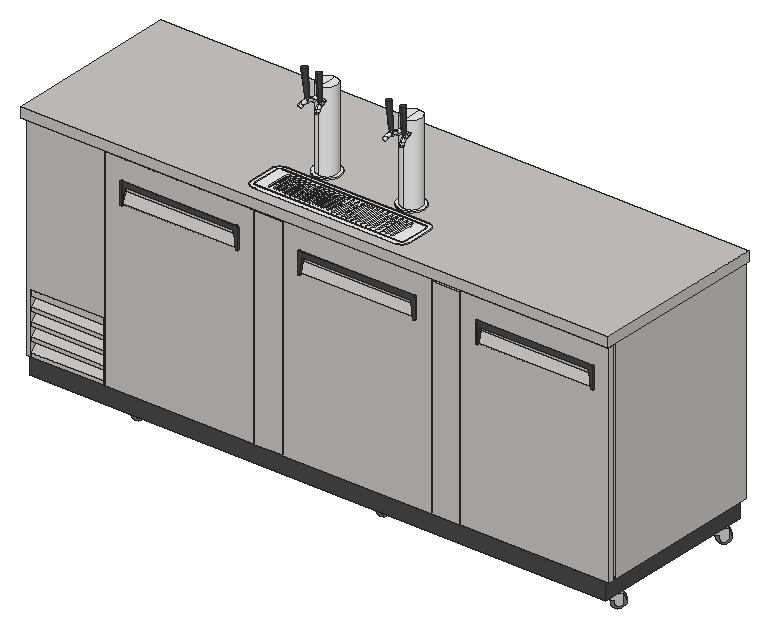
Revit family "QF_Turbo Air_TBD-4", category Specialty Equipment, Revit 2014 (continued)
Lines and regions (in)
  symbolic lines, style "QF_Details_Surface"
    curve 130: arc (34.62177, -20.46875, 39.5) -> (34.47533, -20.1152, 39.5) -> (34.12177, -19.96875, 39.5) r 0.5
    curve 131: line (34.12177, -19.96875, 39.5) -> (34.12177, -23.96875, 39.5)
    curve 132: arc (34.12177, -23.96875, 39.5) -> (34.47533, -23.8223, 39.5) -> (34.62177, -23.46875, 39.5) r 0.5
  symbolic lines, style "QF_Clearances_Door_Drawer", detail levels coarse+medium
    curve 133: line (-4.00323, -27.125, 5.5625) -> (-4.00323, -48.375, 5.5625)
    curve 134: arc (-4.00323, -48.375, 5.5625) -> (11.57461, -42.24159, 5.5625) -> (18.77018, -27.125, 5.5625) r 22.8125
    curve 135: line (73.43427, -27.125, 5.5625) -> (73.43427, -48.375, 5.5625)
    curve 136: arc (73.43427, -48.375, 5.5625) -> (57.85644, -42.24159, 5.5625) -> (50.66087, -27.125, 5.5625) r 22.8125
    curve 137: line (46.12177, -27.125, 5.5625) -> (46.12177, -48.375, 5.5625)
    curve 138: arc (46.12177, -48.375, 5.5625) -> (30.54394, -42.24159, 5.5625) -> (23.34837, -27.125, 5.5625) r 22.8125
Dimensions and locks (in)
  plane 4 "RIGHT" to plane 3 "LEFT" = 7' - 6 3/8"
  locked: plane 5 "FRONT" to plane 1 "BACK" at 27.125
  locked: plane 1 "BACK" to plane 6 "Bumber Back" at 2
  "CasterLeg Height": plane 7 "Bottom" to level
  locked: plane 8 "Counter Top" to plane 7 "Bottom" at 37
  locked: plane 8 "Counter Top" to plane 9 "Counter Bottom" at 1.5625
  locked: plane 10 "Vent Bottom" to plane 7 "Bottom" at 2.5625
  locked: Extrusion 1 sketch curve to plane 1 "BACK" at 0.625
  locked: plane 3 "LEFT" to Extrusion 1 sketch curve at 0.8125
  locked: Extrusion 1 sketch curve to plane 4 "RIGHT" at 0.8125
  locked: plane 3 "LEFT" to nested 1 at 3
  locked: nested 1 to plane 1 "BACK" at 3
  locked: nested 3 to plane 1 "BACK" at 3
  locked: nested 3 to plane 4 "RIGHT" at 3
  locked: plane 3 "LEFT" to nested 4 at 13.5625
  locked: nested 5 to plane 4 "RIGHT" at 3
  locked: plane 9 "Counter Bottom" to Extrusion 3 sketch curve at 3.9375  (x2)
  locked: Extrusion 3 sketch curve to plane 3 "LEFT" at 5.9375
  locked: plane 4 "RIGHT" to Extrusion 3 sketch curve at 5.9375
  locked: Extrusion 4 sketch curve to plane 7 "Bottom" at 2
  locked: plane 3 "LEFT" to plane 11 "Box Left" at 0.375
  locked: plane 5 "FRONT" to plane 14 "Doors Back" at 2.1875
  locked: plane 5 "FRONT" to plane 15 "Vents Front" at 0.75
  locked: plane 16 "Vent Top" to plane 10 "Vent Bottom" at 9.25
  locked: plane 5 "FRONT" to nested 7 at 3.875
  locked: plane 5 "FRONT" to nested 8 at 3.875
  plane 11 "Box Left" to plane 13 "Vents Right" = 1' - 0 3/16"
  locked: plane 17 "Box Right" to plane 4 "RIGHT" at 0.375
  locked: plane 11 "Box Left" to plane 12 "Vents Left" at 0.625
  locked: Extrusion 6 sketch curve to plane 13 "Vents Right" at 0.125
  locked: Extrusion 6 sketch curve to Extrusion 6 sketch curve at 0.125
  equal spacing: plane 3 "LEFT", plane 20 "Center Drain LR", plane 4 "RIGHT"
  locked: plane 21 "Center Drain FB" to plane 5 "FRONT" at 5.15625
  locked: plane 8 "Counter Top" to Extrusion 22 at 0.21974
  locked: nested 12 to plane 1 "BACK" at 3
  locked: plane 5 "FRONT" to nested 13 at 3.875
  equal spacing: plane 13 "Vents Right", nested 12, plane 17 "Box Right"
  equal spacing: plane 13 "Vents Right", nested 13, plane 17 "Box Right"
  locked: plane 22 "Door Clearance" to plane 1 "BACK" at 48.375
  locked: nested 10 to plane 20 "Center Drain LR" at 6.5
  locked: plane 20 "Center Drain LR" to nested 11 at 6.5
  locked: nested 10 to plane 21 "Center Drain FB" at 5.5
  locked: nested 11 to plane 21 "Center Drain FB" at 5.5
  Extrusion 8 sketch curve to plane 20 "Center Drain LR" to Extrusion 8 sketch curve = 1' - 0 3/16" locked, 1' - 0 3/16" locked
  locked: Extrusion 8 sketch curve to Extrusion 8 sketch curve at 0.625  (x2)
  Extrusion 7 sketch curve to plane 20 "Center Drain LR" to Extrusion 7 sketch curve = 1' - 0 3/16" locked, 1' - 0 3/16" locked
  locked: plane 20 "Center Drain LR" to Extrusion 16 at 0.21462
  locked: plane 18 to plane 17 "Box Right" at 22.8125
  locked: plane 13 "Vents Right" to plane 19 at 22.8125
  equal spacing: plane 13 "Vents Right", plane 23, plane 17 "Box Right"
  locked: plane 24 to plane 23 at 11.40625
  locked: plane 23 to plane 25 at 11.40625
  equal spacing: plane 13 "Vents Right", Extrusion 4 sketch curve, plane 11 "Box Left"
  locked: plane 9 "Counter Bottom" to Extrusion 64 sketch curve at 0.6875  (x2)
  locked: Extrusion 64 sketch curve to plane 18 at 0.125
  locked: Extrusion 64 sketch curve to plane 25 at 0.125
  locked: Extrusion 64 sketch curve to plane 19 at 0.125
  locked: Extrusion 64 sketch curve to plane 24 at 0.125
  aligned and locked: level to plane 2
  aligned and locked: plane 10 "Vent Bottom" to Extrusion 1
  aligned and locked: nested 1 to nested 2
  aligned and locked: nested 2 to nested 1
  aligned and locked: nested 6 to nested 3  (x2)
  aligned and locked: nested 4 to nested 8
  aligned and locked: nested 8 to nested 4
  aligned and locked: nested 7 to nested 5  (x2)
  aligned and locked: plane 1 "BACK" to Extrusion 3
  aligned and locked: plane 3 "LEFT" to curve 2
  aligned and locked: curve 3 to plane 5 "FRONT"
  aligned and locked: plane 1 "BACK" to curve 1
  aligned and locked: curve 5 to Extrusion 3
  aligned and locked: curve 6 to Extrusion 3
  aligned and locked: nested 9 to plane 10 "Vent Bottom"
  aligned and locked: plane 1 "BACK" to Extrusion 5 sketch curve
  aligned and locked: plane 11 "Box Left" to Extrusion 5 sketch curve
  aligned and locked: Extrusion 5 sketch curve to plane 14 "Doors Back"
  aligned and locked: Extrusion 5 sketch curve to plane 17 "Box Right"
  aligned and locked: plane 9 "Counter Bottom" to Extrusion 5
  aligned and locked: plane 13 "Vents Right" to nested 9
  aligned and locked: plane 19 to nested 9
  aligned and locked: plane 10 "Vent Bottom" to Extrusion 6 sketch curve
  aligned and locked: Extrusion 6 sketch curve to plane 10 "Vent Bottom"
  aligned and locked: plane 11 "Box Left" to Extrusion 6 sketch curve
  aligned and locked: Extrusion 6 sketch curve to plane 16 "Vent Top"
  aligned and locked: Extrusion 6 sketch curve to plane 9 "Counter Bottom"
  aligned and locked: Extrusion 6 sketch curve to plane 12 "Vents Left"
  aligned and locked: plane 15 "Vents Front" to Extrusion 6
  aligned and locked: Extrusion 2 sketch curve to plane 16 "Vent Top"
  aligned and locked: Extrusion 2 to Extrusion 6
  aligned and locked: plane 3 "LEFT" to Extrusion 7 sketch curve
  aligned and locked: Extrusion 7 sketch curve to plane 5 "FRONT"
  aligned and locked: Extrusion 7 sketch curve to plane 4 "RIGHT"
  aligned and locked: plane 1 "BACK" to Extrusion 7 sketch curve
  aligned and locked: plane 8 "Counter Top" to Extrusion 7
  aligned and locked: nested 10 to plane 8 "Counter Top"
  aligned and locked: nested 11 to plane 8 "Counter Top"
  aligned and locked: nested 12 to nested 14
  aligned and locked: nested 14 to nested 12
  aligned and locked: nested 13 to nested 15
  aligned and locked: nested 15 to nested 13
  aligned and locked: Extrusion 62 to nested 9
  aligned and locked: Extrusion 61 to nested 9
  aligned and locked: curve 28 to Extrusion 8
  aligned and locked: curve 15 to Extrusion 8
  aligned and locked: curve 20 to Extrusion 8
  aligned and locked: curve 13 to Extrusion 8
  aligned and locked: plane 10 "Vent Bottom" to nested 17
  aligned and locked: nested 16 to plane 10 "Vent Bottom"
  aligned and locked: plane 10 "Vent Bottom" to Extrusion 64 sketch curve  (x2)
Automatic sketch dimensions
  Extrusion 9 sketch curve to Extrusion 9 sketch curve = 0' - 0.50913"
  Extrusion 10 sketch curve to Extrusion 10 sketch curve = 0' - 0.50913"
  Extrusion 11 sketch curve to Extrusion 11 sketch curve = 0' - 0.50913"
  Extrusion 12 sketch curve to Extrusion 12 sketch curve = 0' - 0.50913"
  Extrusion 13 sketch curve to Extrusion 13 sketch curve = 0' - 0.50913"
  Extrusion 14 sketch curve to Extrusion 14 sketch curve = 0' - 0.50913"
  Extrusion 15 sketch curve to Extrusion 15 sketch curve = 0' - 0.50913"
  Extrusion 16 sketch curve to Extrusion 16 sketch curve = 0' - 0.50913"
  Extrusion 17 sketch curve to Extrusion 17 sketch curve = 0' - 0.50913"
  Extrusion 18 sketch curve to Extrusion 18 sketch curve = 0' - 0.50913"
  Extrusion 19 sketch curve to Extrusion 19 sketch curve = 0' - 0.50913"
  Extrusion 20 sketch curve to Extrusion 20 sketch curve = 0' - 0.50913"
  Extrusion 21 sketch curve to Extrusion 21 sketch curve = 0' - 0.50913"
  Extrusion 22 sketch curve to Extrusion 22 sketch curve = 0' - 0.50913"
  Extrusion 9 sketch curve to Extrusion 9 sketch curve = 0' - 2.98061"
  Extrusion 10 sketch curve to Extrusion 10 sketch curve = 0' - 2.98061"
  Extrusion 11 sketch curve to Extrusion 11 sketch curve = 0' - 2.98061"
  Extrusion 12 sketch curve to Extrusion 12 sketch curve = 0' - 2.98061"
  Extrusion 13 sketch curve to Extrusion 13 sketch curve = 0' - 2.98061"
  Extrusion 14 sketch curve to Extrusion 14 sketch curve = 0' - 2.98061"
  Extrusion 15 sketch curve to Extrusion 15 sketch curve = 0' - 2.98061"
  Extrusion 16 sketch curve to Extrusion 16 sketch curve = 0' - 2.98061"
  Extrusion 17 sketch curve to Extrusion 17 sketch curve = 0' - 2.98061"
  Extrusion 18 sketch curve to Extrusion 18 sketch curve = 0' - 2.98061"
  Extrusion 19 sketch curve to Extrusion 19 sketch curve = 0' - 2.98061"
  Extrusion 20 sketch curve to Extrusion 20 sketch curve = 0' - 2.98061"
  Extrusion 21 sketch curve to Extrusion 21 sketch curve = 0' - 2.98061"
  Extrusion 22 sketch curve to Extrusion 22 sketch curve = 0' - 2.98061"
  Extrusion 23 sketch curve to Extrusion 23 sketch curve = 0' - 0.50913"
  Extrusion 24 sketch curve to Extrusion 24 sketch curve = 0' - 0.50913"
  Extrusion 25 sketch curve to Extrusion 25 sketch curve = 0' - 0.50913"
  Extrusion 26 sketch curve to Extrusion 26 sketch curve = 0' - 0.50913"
  Extrusion 27 sketch curve to Extrusion 27 sketch curve = 0' - 0.50913"
  Extrusion 28 sketch curve to Extrusion 28 sketch curve = 0' - 0.50913"
  Extrusion 29 sketch curve to Extrusion 29 sketch curve = 0' - 0.50913"
  Extrusion 30 sketch curve to Extrusion 30 sketch curve = 0' - 0.50913"
  Extrusion 31 sketch curve to Extrusion 31 sketch curve = 0' - 0.50913"
  Extrusion 32 sketch curve to Extrusion 32 sketch curve = 0' - 0.50913"
  Extrusion 33 sketch curve to Extrusion 33 sketch curve = 0' - 0.50913"
  Extrusion 34 sketch curve to Extrusion 34 sketch curve = 0' - 0.50913"
  Extrusion 35 sketch curve to Extrusion 35 sketch curve = 0' - 0.50913"
  Extrusion 36 sketch curve to Extrusion 36 sketch curve = 0' - 0.50913"
  Extrusion 23 sketch curve to Extrusion 23 sketch curve = 0' - 2.98061"
  Extrusion 24 sketch curve to Extrusion 24 sketch curve = 0' - 2.98061"
  Extrusion 25 sketch curve to Extrusion 25 sketch curve = 0' - 2.98061"
  Extrusion 26 sketch curve to Extrusion 26 sketch curve = 0' - 2.98061"
  Extrusion 27 sketch curve to Extrusion 27 sketch curve = 0' - 2.98061"
  Extrusion 28 sketch curve to Extrusion 28 sketch curve = 0' - 2.98061"
  Extrusion 29 sketch curve to Extrusion 29 sketch curve = 0' - 2.98061"
  Extrusion 30 sketch curve to Extrusion 30 sketch curve = 0' - 2.98061"
  Extrusion 31 sketch curve to Extrusion 31 sketch curve = 0' - 2.98061"
  Extrusion 32 sketch curve to Extrusion 32 sketch curve = 0' - 2.98061"
  Extrusion 33 sketch curve to Extrusion 33 sketch curve = 0' - 2.98061"
  Extrusion 34 sketch curve to Extrusion 34 sketch curve = 0' - 2.98061"
  Extrusion 35 sketch curve to Extrusion 35 sketch curve = 0' - 2.98061"
  Extrusion 36 sketch curve to Extrusion 36 sketch curve = 0' - 2.98061"
  Extrusion 37 sketch curve to Extrusion 37 sketch curve = 0' - 0.50913"
  Extrusion 37 sketch curve to Extrusion 37 sketch curve = 0' - 2.98061"
  Extrusion 38 sketch curve to Extrusion 38 sketch curve = 0' - 0.50913"
  Extrusion 38 sketch curve to Extrusion 38 sketch curve = 0' - 2.98061"
  Extrusion 39 sketch curve to Extrusion 39 sketch curve = 0' - 0.50913"
  Extrusion 39 sketch curve to Extrusion 39 sketch curve = 0' - 2.98061"
  Extrusion 40 sketch curve to Extrusion 40 sketch curve = 0' - 0.50913"
  Extrusion 40 sketch curve to Extrusion 40 sketch curve = 0' - 2.98061"
  Extrusion 41 sketch curve to Extrusion 41 sketch curve = 0' - 0.50913"
  Extrusion 41 sketch curve to Extrusion 41 sketch curve = 0' - 2.98061"
  Extrusion 42 sketch curve to Extrusion 42 sketch curve = 0' - 0.50913"
  Extrusion 42 sketch curve to Extrusion 42 sketch curve = 0' - 2.98061"
  Extrusion 43 sketch curve to Extrusion 43 sketch curve = 0' - 0.50913"
  Extrusion 43 sketch curve to Extrusion 43 sketch curve = 0' - 2.98061"
  Extrusion 44 sketch curve to Extrusion 44 sketch curve = 0' - 0.50913"
  Extrusion 44 sketch curve to Extrusion 44 sketch curve = 0' - 2.98061"
  Extrusion 45 sketch curve to Extrusion 45 sketch curve = 0' - 0.50913"
  Extrusion 45 sketch curve to Extrusion 45 sketch curve = 0' - 2.98061"
  Extrusion 46 sketch curve to Extrusion 46 sketch curve = 0' - 0.50913"
  Extrusion 46 sketch curve to Extrusion 46 sketch curve = 0' - 2.98061"
  Extrusion 47 sketch curve to Extrusion 47 sketch curve = 0' - 0.50913"
  Extrusion 47 sketch curve to Extrusion 47 sketch curve = 0' - 2.98061"
  Extrusion 48 sketch curve to Extrusion 48 sketch curve = 0' - 0.50913"
  Extrusion 48 sketch curve to Extrusion 48 sketch curve = 0' - 2.98061"
  Extrusion 1 sketch curve to plane 15 "Vents Front" = 0' - 0 1/16"
  Extrusion 2 sketch curve to plane 15 "Vents Front" = 0' - 0"  (x5)
  Extrusion 2 sketch curve to plane 10 "Vent Bottom" = 0' - 0"
  Extrusion 2 sketch curve to plane 15 "Vents Front" = 0' - 0 1/16"  (x5)
  Extrusion 2 sketch curve to Extrusion 2 sketch curve = 0' - 0 5/16"  (x4)
  Extrusion 2 sketch curve to plane 15 "Vents Front" = 0' - 0.46339"
  Extrusion 2 sketch curve to Extrusion 2 sketch curve = 0' - 0 1/2"
  plane 14 "Doors Back" to Extrusion 2 sketch curve = 0' - 0.15587"  (x4)
  Extrusion 2 sketch curve to Extrusion 2 sketch curve = 0' - 0.04419"  (x4)
  plane 10 "Vent Bottom" to Extrusion 2 sketch curve = 0' - 0 1/16"
  Extrusion 2 sketch curve to Extrusion 2 sketch curve = 0' - 0.47411"  (x4)
  Extrusion 2 sketch curve to Extrusion 2 sketch curve = 0' - 0.02589"  (x4)
  Extrusion 2 sketch curve to Extrusion 2 sketch curve = 0' - 0.28087"
  Extrusion 2 sketch curve to Extrusion 2 sketch curve = 0' - 0 1/16"  (x4)
  Extrusion 2 sketch curve to Extrusion 2 sketch curve = 0' - 0.21837"  (x2)
  Extrusion 2 sketch curve to Extrusion 2 sketch curve = 0' - 0 15/16"
  Extrusion 2 sketch curve to plane 16 "Vent Top" = 0' - 0.40089"
  curve 1 to plane 4 "RIGHT" = 0' - 0"
  curve 10 to plane 17 "Box Right" = 0' - 4 3/4"
  curve 6 to curve 9 = 0' - 1 5/8"
  plane 12 "Vents Left" to curve 5 = 0' - 5 3/4"
  curve 5 to curve 7 = 0' - 1 5/8"
  plane 14 "Doors Back" to Extrusion 7 sketch curve = 0' - 0 3/16"
  Extrusion 7 sketch curve to plane 14 "Doors Back" = 0' - 1"  (x2)
  plane 21 "Center Drain FB" to Extrusion 7 sketch curve = 0' - 1 31/32"  (x2)
  Extrusion 7 sketch curve to plane 19 = 0' - 1 3/16"
  Extrusion 8 sketch curve to Extrusion 8 sketch curve = 0' - 0"  (x8)
  plane 14 "Doors Back" to Extrusion 8 sketch curve = 0' - 0 3/16"
  Extrusion 8 sketch curve to Extrusion 8 sketch curve = 0' - 0 9/16"
  Extrusion 8 sketch curve to plane 14 "Doors Back" = 0' - 1"
  plane 21 "Center Drain FB" to Extrusion 8 sketch curve = 0' - 1 31/32"  (x2)
  Extrusion 8 sketch curve to plane 19 = 0' - 1 3/16"
  curve 12 to curve 21 = 0' - 0"  (x2)
  curve 14 to curve 27 = 0' - 0"  (x2)
  curve 16 to curve 29 = 0' - 0"  (x2)
  curve 18 to curve 19 = 0' - 0"  (x2)
  curve 83 to curve 84 = 0' - 0"  (x2)
  curve 83 to plane 20 "Center Drain LR" = 0' - 0"
  curve 83 to plane 21 "Center Drain FB" = 0' - 0"
  curve 104 to plane 14 "Doors Back" = 0' - 1 15/32"
  curve 70 to plane 14 "Doors Back" = 0' - 1 15/32"
  curve 108 to plane 24 = 0' - 0 3/16"
  curve 104 to curve 108 = 0' - 0"
  curve 132 to plane 23 = 0' - 0 19/32"
  curve 132 to plane 14 "Doors Back" = 0' - 1 15/32"
  curve 67 to curve 71 = 0' - 0"
  curve 112 to plane 14 "Doors Back" = 0' - 1 15/32"
  curve 35 to plane 14 "Doors Back" = 0' - 1 15/32"
  curve 66 to curve 70 = 0' - 0"
  curve 113 to curve 112 = 0' - 0"
  curve 62 to curve 66 = 0' - 0"
  curve 74 to curve 75 = 0' - 0"
  curve 92 to plane 14 "Doors Back" = 0' - 1 15/32"
  curve 34 to curve 38 = 0' - 0"
  plane 20 "Center Drain LR" to curve 58 = 0' - 0 1/4"
  curve 58 to curve 62 = 0' - 0"
  curve 121 to curve 116 = 0' - 0"
  curve 79 to curve 132 = 0' - 0"
  curve 132 to curve 128 = 0' - 0"
  curve 54 to plane 20 "Center Drain LR" = 0' - 0 1/4"
  curve 54 to curve 58 = 0' - 0"
  plane 24 to curve 23 = 0' - 0 1/16"
  curve 108 to curve 23 = 0' - 0"
  curve 100 to curve 104 = 0' - 0"
  curve 50 to curve 51 = 0' - 0"
  curve 92 to curve 93 = 0' - 0"
  curve 117 to curve 116 = 0' - 0"
  plane 19 to curve 85 = 0' - 0 1/16"
  curve 85 to curve 89 = 0' - 0"
  curve 46 to curve 47 = 0' - 0"
  curve 42 to curve 43 = 0' - 0"
  curve 29 to plane 14 "Doors Back" = 0' - 1"
  curve 20 to plane 14 "Doors Back" = 0' - 1"
  curve 33 to curve 34 = 0' - 0 1/2"
  curve 37 to curve 38 = 0' - 0 1/2"
  curve 95 to curve 96 = 0' - 0 1/2"
  curve 91 to curve 92 = 0' - 0 1/2"
  curve 107 to curve 108 = 0' - 0 1/2"
  curve 69 to curve 70 = 0' - 0 1/2"
  curve 119 to curve 120 = 0' - 0 1/2"
  curve 41 to curve 42 = 0' - 0 1/2"
  curve 123 to curve 124 = 0' - 0 1/2"
  curve 87 to curve 88 = 0' - 0 1/2"
  curve 45 to curve 46 = 0' - 0 1/2"
  curve 25 to curve 26 = 0' - 0 1/2"
  curve 49 to curve 50 = 0' - 0 1/2"
  curve 99 to curve 100 = 0' - 0 1/2"
  curve 81 to curve 82 = 0' - 0 1/2"
  curve 53 to curve 54 = 0' - 0 1/2"
  plane 23 to curve 127 = 0' - 0 5/32"
  curve 127 to curve 128 = 0' - 0 1/2"
  curve 115 to curve 116 = 0' - 0 1/2"
  curve 54 to curve 57 = 0' - 0"
  curve 131 to curve 132 = 0' - 0 1/2"
  curve 103 to curve 104 = 0' - 0 1/2"
  curve 77 to curve 78 = 0' - 0 1/2"
  curve 61 to curve 62 = 0' - 0 1/2"
  curve 65 to curve 66 = 0' - 0 1/2"
  curve 73 to curve 74 = 0' - 0 1/2"
  curve 111 to curve 112 = 0' - 0 1/2"
  curve 30 to plane 14 "Doors Back" = 0' - 0 7/16"
  plane 21 "Center Drain FB" to curve 64 = 0' - 1 1/2"
  plane 21 "Center Drain FB" to curve 114 = 0' - 1 1/2"
  plane 21 "Center Drain FB" to curve 75 = 0' - 1 1/2"
  curve 113 to curve 110 = 0' - 0"
  curve 71 to curve 76 = 0' - 0"
  curve 56 to curve 64 = 0' - 0"
  curve 75 to curve 79 = 0' - 0"
  curve 52 to curve 56 = 0' - 0"
  curve 117 to curve 114 = 0' - 0"
  curve 67 to curve 72 = 0' - 0"
  curve 59 to curve 64 = 0' - 0"
  plane 21 "Center Drain FB" to curve 85 = 0' - 1 1/2"
  curve 48 to curve 52 = 0' - 0"
  curve 44 to curve 47 = 0' - 0"
  curve 86 to curve 89 = 0' - 0"
  curve 40 to curve 43 = 0' - 0"
  curve 36 to curve 40 = 0' - 0"
  curve 121 to curve 118 = 0' - 0"
  curve 90 to curve 93 = 0' - 0"
  plane 21 "Center Drain FB" to curve 106 = 0' - 1 1/2"
  curve 32 to curve 35 = 0' - 0"
  curve 94 to curve 97 = 0' - 0"
  curve 24 to curve 32 = 0' - 0"
  curve 125 to curve 122 = 0' - 0"
  curve 98 to curve 101 = 0' - 0"
  curve 129 to curve 126 = 0' - 0"
  curve 109 to curve 14 = 0' - 0 15/32"
  plane 21 "Center Drain FB" to curve 13 = 0' - 1 31/32"
  curve 12 to curve 22 = 0' - 0 9/16"
  curve 14 to curve 109 = 0' - 1 1/4"
  curve 110 to curve 113 = 0' - 0 1/4"
  curve 116 to curve 117 = 0' - 0 1/4"
  curve 120 to curve 121 = 0' - 0 1/4"
  curve 130 to curve 79 = 0' - 0 1/4"
  curve 82 to curve 75 = 0' - 0 1/4"
  curve 76 to curve 71 = 0' - 0 1/4"
  curve 72 to curve 67 = 0' - 0 1/4"
  curve 70 to curve 63 = 0' - 0 1/4"
  curve 66 to curve 59 = 0' - 0 1/4"
  curve 52 to curve 48 = 0' - 0 1/4"
  curve 47 to curve 46 = 0' - 0 1/4"
  curve 46 to curve 41 = 0' - 0 1/4"
  curve 39 to curve 37 = 0' - 0 1/4"
  curve 35 to curve 32 = 0' - 0 1/4"
  curve 105 to curve 104 = 0' - 0 1/4"
  curve 104 to curve 99 = 0' - 0 1/4"
  curve 100 to curve 95 = 0' - 0 1/4"
  curve 93 to curve 91 = 0' - 0 1/4"
  curve 84 to plane 21 "Center Drain FB" = 0' - 0 3/16"
  plane 22 "Door Clearance" to curve 137 = 0' - 0"
  curve 133 to plane 13 "Vents Right" = 0' - 0"
  plane 22 "Door Clearance" to curve 133 = 0' - 0"
  curve 136 to plane 17 "Box Right" = 0' - 0"
  plane 22 "Door Clearance" to curve 136 = 0' - 0"
  plane 5 "FRONT" to curve 136 = 0' - 0"
  plane 5 "FRONT" to curve 134 = 0' - 0"
  plane 5 "FRONT" to curve 137 = 0' - 0"
  plane 5 "FRONT" to curve 133 = 0' - 0"
  plane 5 "FRONT" to curve 135 = 0' - 0"
  plane 5 "FRONT" to curve 138 = 0' - 0"
  curve 138 to plane 25 = 0' - 0"
  plane 25 to curve 138 = 0' - 0.01447"
  plane 14 "Doors Back" to curve 138 = 0' - 0 5/8"
  plane 13 "Vents Right" to curve 134 = 0' - 0.01447"
  plane 14 "Doors Back" to curve 134 = 0' - 0 5/8"
  curve 136 to plane 17 "Box Right" = 0' - 0.01447"
  plane 14 "Doors Back" to curve 136 = 0' - 0 5/8"
  Extrusion 61 sketch curve to plane 17 "Box Right" = 0' - 0"
  plane 22 "Door Clearance" to Extrusion 61 sketch curve = 0' - 0"
  plane 15 "Vents Front" to Extrusion 61 sketch curve = 0' - 0"
  Extrusion 61 sketch curve to plane 18 = 0' - 0"
  Extrusion 61 sketch curve to plane 17 "Box Right" = 0' - 0.01447"
  Extrusion 62 sketch curve to plane 13 "Vents Right" = 0' - 0"
  plane 22 "Door Clearance" to Extrusion 62 sketch curve = 0' - 0"
  plane 15 "Vents Front" to Extrusion 62 sketch curve = 0' - 0"
  Extrusion 62 sketch curve to plane 19 = 0' - 0"
  plane 13 "Vents Right" to Extrusion 62 sketch curve = 0' - 0.01447"
  Extrusion 63 sketch curve to plane 20 "Center Drain LR" = 0' - 0"
  Extrusion 63 sketch curve to plane 21 "Center Drain FB" = 0' - 0"
  Extrusion 63 sketch curve to plane 14 "Doors Back" = 0' - 1 15/32"  (x5)
  Extrusion 63 sketch curve to Extrusion 63 sketch curve = 0' - 0"  (x43)
  Extrusion 63 sketch curve to plane 23 = 0' - 0 3/32"
  plane 24 to Extrusion 63 sketch curve = 0' - 0 1/16"
  plane 20 "Center Drain LR" to Extrusion 63 sketch curve = 0' - 0 3/4"
  plane 19 to Extrusion 63 sketch curve = 0' - 0 1/16"
  Extrusion 63 sketch curve to plane 14 "Doors Back" = 0' - 1"  (x2)
  Extrusion 63 sketch curve to Extrusion 63 sketch curve = 0' - 0 1/2"  (x26)
  plane 23 to Extrusion 63 sketch curve = 0' - 0 5/32"
  plane 20 "Center Drain LR" to Extrusion 63 sketch curve = 0' - 0 1/4"
  Extrusion 63 sketch curve to plane 24 = 0' - 0 3/16"
  Extrusion 63 sketch curve to plane 14 "Doors Back" = 0' - 0 1/2"
  plane 21 "Center Drain FB" to Extrusion 63 sketch curve = 0' - 1 1/2"  (x4)
  Extrusion 63 sketch curve to Extrusion 63 sketch curve = 0' - 0 15/32"  (x2)
  Extrusion 63 sketch curve to Extrusion 63 sketch curve = 0' - 0 1/4"  (x19)
  Extrusion 63 sketch curve to Extrusion 63 sketch curve = 0' - 1 1/4"
  Extrusion 63 sketch curve to plane 20 "Center Drain LR" = 0' - 0 1/4"
  Extrusion 63 sketch curve to plane 19 = 0' - 1 3/16"
  plane 22 "Door Clearance" to Extrusion 65 sketch curve = 0' - 0"
  plane 15 "Vents Front" to Extrusion 65 sketch curve = 0' - 0"
  Extrusion 65 sketch curve to plane 24 = 0' - 0"
  Extrusion 65 sketch curve to plane 25 = 0' - 0"
  Extrusion 65 sketch curve to plane 25 = 0' - 0.01447"
  radius of Extrusion 3 sketch curve = 0' - 0 13/16"  (x2)
  radius of Extrusion 4 sketch curve = 0' - 0 1/4"
  radius of Extrusion 63 sketch curve = 0' - 0 3/16"
Nested families (in)
  nested 1: "FESCasterLeg2014" at (-13.56573, -3, 0), Casters <- "4 inch Casters", Legs <- "6 inch Legs", Height <- "CasterLeg Height", type "FESCasterLeg2014"
    with Legs no, Height 0' - 3", Casters no, Caster Radius 0' - 1"
  nested 2: "FES3Caster-2014" at (-13.56573, -3, 0), visible <- "2 inch Casters", type "FES3Caster"
  nested 3: "FESCasterLeg2014" at (70.80927, -3, 0), Casters <- "4 inch Casters", Legs <- "6 inch Legs", Height <- "CasterLeg Height", type "FESCasterLeg2014"
    with Legs no, Height 0' - 3", Casters no, Caster Radius 0' - 1"
  nested 4: "FESCasterLeg2014" at (-3.00323, -23.25, 0), Casters <- "4 inch Casters", Legs <- "6 inch Legs", Height <- "CasterLeg Height", type "FESCasterLeg2014"
    with Legs no, Height 0' - 3", Casters no, Caster Radius 0' - 1"
  nested 5: "FESCasterLeg2014" at (70.80927, -23.25, 0), Casters <- "4 inch Casters", Legs <- "6 inch Legs", Height <- "CasterLeg Height", type "FESCasterLeg2014"
    with Legs no, Height 0' - 3", Casters no, Caster Radius 0' - 1"
  nested 6: "FES3Caster-2014" at (70.80927, -3, 0), visible <- "2 inch Casters", type "FES3Caster"
  nested 7: "FES3Caster-2014" at (70.80927, -23.25, 0), visible <- "2 inch Casters", type "FES3Caster"
  nested 8: "FES3Caster-2014" at (-3.00323, -23.25, 0), visible <- "2 inch Casters", type "FES3Caster"
  nested 9: "QF_Turbo Air_UC-Solid Door" at (12.5625, -24.9375, 5.5625), Door Material <- "Body Material", type "QF_Turbo Air_UC-Solid Door"
    with Width 1' - 10 13/16", Symbolic Lines no, Height 2' - 8 5/16", Handle Distance 0' - 2 3/8", Door Material QF_Stainless-Polished
  nested 10: "FES_TA Double Tap" at (22.12177, -16.46875, 40), type "FES_TA Double Tap"
  nested 11: "FES_TA Double Tap" at (35.12177, -16.46875, 40), type "FES_TA Double Tap"
  nested 12: "FES3Caster-2014" at (34.71552, -3, 0), visible <- "2 inch Casters", type "FES3Caster"
  nested 13: "FES3Caster-2014" at (34.71552, -23.25, 0), visible <- "2 inch Casters", type "FES3Caster"
  nested 14: "FESCasterLeg2014" at (34.71552, -3, 0), Casters <- "4 inch Casters", Legs <- "6 inch Legs", Height <- "CasterLeg Height", type "FESCasterLeg2014"
    with Legs no, Height 0' - 3", Casters no, Caster Radius 0' - 1"
  nested 15: "FESCasterLeg2014" at (34.71552, -23.25, 0), Casters <- "4 inch Casters", Legs <- "6 inch Legs", Height <- "CasterLeg Height", type "FESCasterLeg2014"
    with Legs no, Height 0' - 3", Casters no, Caster Radius 0' - 1"
  nested 16: "QF_Turbo Air_UC-Solid Door" at (39.875, -24.9375, 5.5625), Door Material <- "Body Material", type "QF_Turbo Air_UC-Solid Door"
    with Width 1' - 10 13/16", Symbolic Lines no, Height 2' - 8 5/16", Handle Distance 0' - 2 3/8", Door Material QF_Stainless-Polished
  nested 17: "QF_Turbo Air_UC-Solid Door" at (56.86855, -24.9375, 5.5625) x (-1, 0, 0) z (0, 0, 1), Door Material <- "Body Material", type "QF_Turbo Air_UC-Solid Door"
    with Width 1' - 10 13/16", Symbolic Lines no, Height 2' - 8 5/16", Handle Distance 0' - 2 3/8", Door Material QF_Stainless-Polished
Connectors (in)
  electrical at (-10.09698, -0.5625, 5), driven by "Number of Poles", driven by "Volts", driven by "Apparent Power"
    settings: on Extrusion 4, index 1, voltage 115 V, apparent load 862.5 VA, apparent load phase1 0 VA, apparent load phase2 0 VA, apparent load phase3 0 VA, power factor 1, load classification "Other", number of poles 1, system type 30, power factor state 1, is connector primary yes, connector utility no, sub classification motor no, connector description "Electric"
Definition of nested family "FES3Caster-2014"
  Parameters (values of type "FES3Caster-2014")
    Watermarked By = "http://revitwatermark.com"
    Type Comments = ""
    Assembly Code = ""
  Reference planes (in)
    plane 1 "Center (Front/Back)": y = 0
    plane 2: z = 0
    plane 3 "Center (Left/Right)": x = 0
    plane 4: z = 3
    plane 5: z = 2.5
  Forms (in)
    Extrusion 1, solid, material "QF_Stainless-Polished-Brushed"
      sketch origin (-24.12131, -22.88887, 10.18833) x (0.707107, 0.707107, 0) y (0, 0, 1)
        loop
          line (34.98772, -9.18833) -> (34.98772, -7.93833) -> (34.48772, -7.93833) -> (34.39402, -7.68833) -> (32.39402, -7.68833) -> (32.39402, -8.43833) -> (33.98772, -8.84206) -> (33.98772, -9.18833)
          arc (33.98772, -9.18833) -> (34.48772, -9.68833) -> (34.98772, -9.18833) r 0.5
      from 0 to 1.75
    Extrusion 2, solid, material "QF_Rubber-Black"
      sketch origin (-24.32327, -23.09083, 13.31461) x (0.707107, 0.707107, 0) y (0, 0, 1)
        loop
          circle (34.77334, -12.31461) r 1
      from 0.375 to 1.375
    Extrusion 3, solid, material "QF_Stainless-Polished-Brushed"
      sketch origin (-7.24148, -8.48391, 0) x (0.707107, 0.707107, 0) y (0, 0, 1)
        loop
          line (10.61603, 2.5) -> (11.61603, 2.5) -> (11.61603, 3) -> (10.61603, 3) -> (10.61603, 2.5)
      from 0 to -1.75
  Lines and regions (in)
    symbolic lines, style "QF_Hidden Details"
      curve 1: line (-1.26158, -0.51911, 0) -> (1.39007, 2.13254, 0)
      curve 2: line (-0.53429, -1.24639, 0) -> (2.11736, 1.40526, 0)
      curve 3: line (-1.26158, -0.51911, 0) -> (1.39007, 2.13254, 0)
      curve 4: line (-0.53429, -1.24639, 0) -> (2.11736, 1.40526, 0)
  Dimensions and locks (in)
    locked: plane 4 to plane 5 at 0.5
    plane 4 to level = 0' - 3"
    Extrusion 2 sketch curve to level = 0' - 1"
    Extrusion 1 sketch curve to level = 0' - 1"
    radius of Extrusion 2 sketch curve = 0' - 1"
    aligned and locked: plane 2 to level
    aligned and locked: Extrusion 3 to plane 5
    aligned and locked: plane 4 to Extrusion 3
    aligned and locked: plane 5 to Extrusion 1
Definition of nested family "QF_Turbo Air_UC-Solid Door"
  Parameters (values of type "QF_Turbo Air_UC-Solid Door")
    Width [instance] = 1' - 10 13/16"
    Watermarked By = ""
    URL = "www.turboairinc.com"
    Symbolic Lines [instance] = yes
    Manufacturer = "Turbo Air"  # constant formula
    Height [instance] = 2' - 8 5/16"
    Handle Distance [instance] = 0' - 2 3/8"
    Door Material [instance] = QF_Stainless-Polished
  Reference planes (in)
    plane 1 "BACK": y = 0
    plane 2: z = 0
    plane 3 "LEFT": x = -16.56573
    plane 4 "RIGHT": x = 6.24677
    plane 5 "Handle Right": x = 3.87177
    plane 6: x = 3.68427
    plane 7 "Handle Left": x = -14.25323
    plane 8: x = -14.06573
    plane 9 "Door Back": y = -0.625
    plane 10 "FRONT": y = -1.4375
    plane 11 "TOP": z = 32.3125
    plane 12 "Handle Top": z = 29.25
    plane 13 "Handle Bottom": z = 25.875
    plane 14: z = 29.0625
    plane 15: z = 26.0625
  Forms (in)
    Extrusion 1, solid, material "QF_Plastic-Black-Matte"
      sketch origin (0, 0, 0) x (1, 0, 0) y (0, 0, 1)
        loop
          line (-14.69073, 29.75) -> (-14.69073, 1.875) -> (4.37177, 1.875) -> (4.37177, 29.75) -> (-14.69073, 29.75)
      from 0 to 0.625
    Extrusion 2, solid, material "QF_Stainless-Polished" <- "Door Material"
      sketch origin (0, -0.625, 0) x (1, 0, 0) y (0, 0, 1)
        loop
          line (-16.56573, 32.3125) -> (-16.56573, 0) -> (6.24677, 0) -> (6.24677, 32.3125) -> (-16.56573, 32.3125)
        loop
          line (-14.06573, 29.0625) -> (-14.06573, 26.0625) -> (3.68427, 26.0625) -> (3.68427, 29.0625) -> (-14.06573, 29.0625)
      from 0 to 0.8125
    Extrusion 3, solid, material "QF_Stainless-Polished" <- "Door Material"
      sketch origin (-14.25323, 0, 0) x (0, 1, 0) y (0, 0, 1)
        loop
          line (-1.4375, 26.0625) -> (-0.625, 26.0625) -> (-0.625, 29.0625) -> (-0.6875, 29.0625) -> (-0.6875, 27.44712) -> (-1.4375, 26.0625)
      from 0.1875 to 17.9375
    Extrusion 4, solid, material "QF_Plastic-Black-Matte"
      sketch origin (0, -1.4375, 0) x (1, 0, 0) y (0, 0, 1)
        loop
          line (-14.25323, 29) -> (-14.25323, 25.9375)
          arc (-14.25323, 25.9375) -> (-14.23492, 25.89331) -> (-14.19073, 25.875) r 0.0625
          line (-14.19073, 25.875) -> (-13.93357, 25.875)
          arc (-13.93357, 25.875) -> (-13.89213, 25.89071) -> (-13.87153, 25.92993) r 0.0625
          line (-13.87153, 25.92993) -> (-13.58582, 28.2727)
          arc (-13.58582, 28.2727) -> (-13.524, 28.39038) -> (-13.3997, 28.4375) r 0.1875
          line (-13.3997, 28.4375) -> (3.01825, 28.4375)
          arc (3.01825, 28.4375) -> (3.14255, 28.39038) -> (3.20437, 28.2727) r 0.1875
          line (3.20437, 28.2727) -> (3.49008, 25.92993)
          arc (3.49008, 25.92993) -> (3.51068, 25.89071) -> (3.55212, 25.875) r 0.0625
          line (3.55212, 25.875) -> (3.80927, 25.875)
          arc (3.80927, 25.875) -> (3.85347, 25.89331) -> (3.87177, 25.9375) r 0.0625
          line (3.87177, 25.9375) -> (3.87177, 29)
          arc (3.87177, 29) -> (3.79855, 29.17678) -> (3.62177, 29.25) r 0.25
          line (3.62177, 29.25) -> (-14.00323, 29.25)
          arc (-14.00323, 29.25) -> (-14.18, 29.17678) -> (-14.25323, 29) r 0.25
      from 0 to 0.125
  Lines and regions (in)
    symbolic lines, visible <- "Symbolic Lines"
      curve 1: line (-16.56573, -0.625, 0) -> (6.24677, -0.625, 0)
      curve 2: line (-16.56573, -1.4375, 0) -> (-16.56573, -0.625, 0)
      curve 3: line (6.24677, -1.4375, 0) -> (-16.56573, -1.4375, 0)
      curve 4: line (6.24677, -0.625, 0) -> (6.24677, -1.4375, 0)
      curve 5: line (-14.69073, 0, 0) -> (-14.69073, -0.625, 0)
      curve 6: line (4.37177, -0.625, 0) -> (4.37177, 0, 0)
      curve 7: line (4.37177, 0, 0) -> (-14.69073, 0, 0)
  Dimensions and locks (in)
    "Width": plane 4 "RIGHT" to plane 3 "LEFT"
    "Handle Distance": plane 5 "Handle Right" to plane 4 "RIGHT"
    locked: plane 6 to plane 5 "Handle Right" at 0.1875
    locked: plane 7 "Handle Left" to plane 8 at 0.1875
    locked: plane 7 "Handle Left" to plane 5 "Handle Right" at 18.125
    locked: plane 9 "Door Back" to plane 1 "BACK" at 0.625
    locked: plane 10 "FRONT" to plane 9 "Door Back" at 0.8125
    "Height": plane 11 "TOP" to plane 2
    locked: plane 11 "TOP" to plane 12 "Handle Top" at 3.0625
    locked: plane 12 "Handle Top" to plane 13 "Handle Bottom" at 3.375
    locked: plane 12 "Handle Top" to plane 14 at 0.1875
    locked: plane 15 to plane 13 "Handle Bottom" at 0.1875
    locked: Extrusion 1 sketch curve to plane 3 "LEFT" at 1.875
    locked: plane 11 "TOP" to Extrusion 1 sketch curve at 2.5625
    locked: Extrusion 1 sketch curve to plane 4 "RIGHT" at 1.875
    locked: Extrusion 1 sketch curve to level at 1.875
    locked: Extrusion 3 sketch curve to plane 9 "Door Back" at 0.0625
    locked: Extrusion 3 sketch curve to plane 15 at 1.38462
    locked: plane 12 "Handle Top" to Extrusion 4 sketch curve at 0.8125
    locked: Extrusion 4 sketch curve to plane 13 "Handle Bottom" at 2.3977  (x2)
    locked: Extrusion 4 sketch curve to plane 7 "Handle Left" at 0.6674
    locked: Extrusion 4 sketch curve to plane 7 "Handle Left" at 0.85352
    locked: plane 5 "Handle Right" to Extrusion 4 sketch curve at 0.6674
    locked: plane 5 "Handle Right" to Extrusion 4 sketch curve at 0.85352
    aligned and locked: level to plane 2
    aligned and locked: plane 9 "Door Back" to Extrusion 1
    aligned and locked: Extrusion 2 sketch curve to plane 11 "TOP"
    aligned and locked: plane 3 "LEFT" to Extrusion 2 sketch curve
    aligned and locked: level to Extrusion 2 sketch curve
    aligned and locked: Extrusion 2 sketch curve to plane 4 "RIGHT"
    aligned and locked: Extrusion 2 sketch curve to plane 14
    aligned and locked: plane 8 to Extrusion 2 sketch curve
    aligned and locked: plane 15 to Extrusion 2 sketch curve
    aligned and locked: Extrusion 2 sketch curve to plane 6
    aligned and locked: plane 10 "FRONT" to Extrusion 2
    aligned and locked: plane 15 to Extrusion 3 sketch curve
    aligned and locked: plane 9 "Door Back" to Extrusion 3 sketch curve
    aligned and locked: Extrusion 3 to plane 8
    aligned and locked: plane 6 to Extrusion 3
    aligned and locked: Extrusion 3 sketch curve to plane 14
    aligned and locked: Extrusion 4 sketch curve to plane 12 "Handle Top"
    aligned and locked: Extrusion 4 sketch curve to plane 7 "Handle Left"
    aligned and locked: Extrusion 4 sketch curve to plane 13 "Handle Bottom"
    aligned and locked: plane 13 "Handle Bottom" to Extrusion 4 sketch curve
    aligned and locked: Extrusion 4 sketch curve to plane 5 "Handle Right"
    aligned and locked: plane 9 "Door Back" to curve 1
    aligned and locked: plane 3 "LEFT" to curve 2
    aligned and locked: curve 3 to plane 10 "FRONT"
    aligned and locked: curve 4 to plane 4 "RIGHT"
    aligned and locked: curve 5 to Extrusion 1
    aligned and locked: curve 6 to Extrusion 1
    aligned and locked: curve 7 to Extrusion 1
  Automatic sketch dimensions
    Extrusion 3 sketch curve to plane 10 "FRONT" = 0' - 0"
    plane 7 "Handle Left" to Extrusion 4 sketch curve = 0' - 0 1/16"
    plane 8 to Extrusion 4 sketch curve = 0' - 0 1/16"
    plane 13 "Handle Bottom" to Extrusion 4 sketch curve = 0' - 0 1/16"  (x2)
    plane 8 to Extrusion 4 sketch curve = 0' - 0.13216"
    plane 13 "Handle Bottom" to Extrusion 4 sketch curve = 0' - 0.05493"  (x2)
    Extrusion 4 sketch curve to plane 6 = 0' - 0.1942"
    Extrusion 4 sketch curve to plane 6 = 0' - 0 1/16"
    Extrusion 4 sketch curve to plane 5 "Handle Right" = 0' - 0 1/16"
Definition of nested family "FES_TA Double Tap"
  Reference planes (in)
    plane 1 "BACK": y = 0
    plane 2: z = 0
    plane 3 "LEFT": x = 0
  Forms (in)
    Revolve 1, solid, material "QF_Steel-Chrome Plated"
      sketch origin (0, 5.875, -37.75) x (0, 1, 0) y (0, 0, 1)
        loop
          line (-5.875, 37.75) -> (-5.875, 50.125) -> (-7.375, 50.125) -> (-7.375, 37.875) -> (-7.875, 37.875) -> (-7.875, 37.75) -> (-5.875, 37.75)
        axis (-5.875, 37.75) -> (-5.875, 50.125)
      angle from 0 to 360
    Extrusion 2, solid, material "QF_Steel-Chrome Plated"
      sketch origin (14.85189, 5.16614, -37.75) x (-0.940628, -0.33944, 0) y (0, 0, 1)
        loop
          circle (15.6935, 48.27885) r 0.3125
      from -1 to -1.875
    Sweep 3, solid, material "QF_Steel-Chrome Plated"
      path origin (-1.90406, 5.36533, -37.75) x (-0.33944, 0.940628, 0) y (0, 0, 1)
        loop
          line (-7.75, 48.27885) -> (-8.68934, 48.27885)
          arc (-8.68934, 48.27885) -> (-8.97635, 48.22176) -> (-9.21967, 48.05918) r 0.75
          line (-9.21967, 48.05918) -> (-9.5, 47.77885)
      profile origin (0.88602, -2.36632, 10.52885) x (0, 0, -1) y (0.940628, 0.33944, 0)
        loop
          circle (0, 0) r 0.25
        loop
          circle (0, 0) r 0.21875
    Blend 4, solid, material "QF_Plastic-Black-Fine Textured"
      base sketch origin (12.86858, 10.66213, 11.11038) x (-0.338148, 0.937048, 0.087156) y (-0.940628, -0.33944, 0)
        loop
          circle (-8.4375, 15.6935) r 0.25
      top sketch origin (12.86858, 10.66213, 11.11038) x (-0.338148, 0.937048, 0.087156) y (-0.940628, -0.33944, 0)
        loop
          circle (-8.4375, 15.6935) r 0.375
      from 0.875 to 4.875
    Extrusion 5, solid, material "QF_Steel-Chrome Plated"
      sketch origin (12.86858, 10.66213, 11.11038) x (-0.338148, 0.937048, 0.087156) y (-0.940628, -0.33944, 0)
        loop
          circle (-8.4375, 15.6935) r 0.12614
      from 0 to 0.875
    Extrusion 6, solid, material "QF_Steel-Chrome Plated"
      sketch origin (14.63661, -5.56939, -37.75) x (-0.93875, 0.344598, 0) y (0, 0, 1)
        loop
          circle (15.6935, 48.27885) r 0.3125
      from -1 to -1.875
    Sweep 7, solid, material "QF_Steel-Chrome Plated"
      path origin (1.92885, 5.35372, -37.75) x (0.344598, 0.93875, 0) y (0, 0, 1)
        loop
          line (-7.75, 48.27885) -> (-8.68934, 48.27885)
          arc (-8.68934, 48.27885) -> (-8.97635, 48.22176) -> (-9.21967, 48.05918) r 0.75
          line (-9.21967, 48.05918) -> (-9.5, 47.77885)
      profile origin (-0.90364, -2.3625, 10.52885) x (0, 0, -1) y (0.93875, -0.344598, 0)
        loop
          circle (0, 0) r 0.25
        loop
          circle (0, 0) r 0.21875
    Blend 8, solid, material "QF_Plastic-Black-Fine Textured"
      base sketch origin (16.65006, -0.08438, 11.11038) x (0.343287, 0.935178, 0.087156) y (-0.93875, 0.344598, 0)
        loop
          circle (-8.4375, 15.6935) r 0.25
      top sketch origin (16.65006, -0.08438, 11.11038) x (0.343287, 0.935178, 0.087156) y (-0.93875, 0.344598, 0)
        loop
          circle (-8.4375, 15.6935) r 0.375
      from 0.875 to 4.875
    Extrusion 9, solid, material "QF_Steel-Chrome Plated"
      sketch origin (16.65006, -0.08438, 11.11038) x (0.343287, 0.935178, 0.087156) y (-0.93875, 0.344598, 0)
        loop
          circle (-8.4375, 15.6935) r 0.12614
      from 0 to 0.875
  Lines and regions (in)
    symbolic lines, style "QF_Details_Surface"
      curve 1: arc (0, 2, 48.3125) -> (1.93316, 0.51273, 48.3125) -> (0.99118, -1.73711, 48.3125) r 2
      curve 2: arc (-0.65563, -1.88948, 48.3125) -> (-1.97218, 0.33244, 48.3125) -> (0, 2, 48.3125) r 2
      curve 3: arc (0, -1.5, 48.3125) -> (-1.5, 0, 48.3125) -> (0, 1.5, 48.3125) r 1.5
      curve 4: arc (0, 1.5, 48.3125) -> (1.5, 0, 48.3125) -> (0, -1.5, 48.3125) r 1.5
      curve 5: line (0.43265, -2.03061, 48.3125) -> (1.02054, -1.81846, 48.3125)
      curve 6: spline (1.23099, -3.32226, 48.3125) -> (1.31796, -3.27735, 48.3125) -> (1.39037, -3.21154, 48.3125) -> (1.44327, -3.12934, 48.3125) -> (1.47306, -3.03633, 48.3125) -> (1.47772, -2.93887, 48.3125) -> (1.45692, -2.84358, 48.3125) -> (1.41208, -2.75697, 48.3125) -> (1.34626, -2.68494, 48.3125) -> (1.26394, -2.63239, 48.3125) -> (1.17073, -2.60291, 48.3125) -> (1.07299, -2.59851, 48.3125) -> (0.97738, -2.61948, 48.3125)
      curve 7: spline (0.97738, -2.61948, 48.3125) -> (0.8904, -2.6644, 48.3125) -> (0.818, -2.7302, 48.3125) -> (0.76509, -2.81241, 48.3125) -> (0.7353, -2.90541, 48.3125) -> (0.73065, -3.00288, 48.3125) -> (0.75145, -3.09816, 48.3125) -> (0.79628, -3.18477, 48.3125) -> (0.86211, -3.2568, 48.3125) -> (0.94442, -3.30935, 48.3125) -> (1.03763, -3.33883, 48.3125) -> (1.13537, -3.34324, 48.3125) -> (1.23099, -3.32226, 48.3125)
      curve 8: spline (1.26061, -3.40435, 48.3125) -> (1.32352, -3.38805, 48.3125) -> (1.38623, -3.3842, 48.3125) -> (1.44446, -3.39305, 48.3125) -> (1.49426, -3.414, 48.3125) -> (1.53223, -3.44563, 48.3125) -> (1.55577, -3.48577, 48.3125) -> (1.56329, -3.5317, 48.3125) -> (1.55427, -3.58028, 48.3125) -> (1.52932, -3.6282, 48.3125) -> (1.49016, -3.6722, 48.3125) -> (1.43944, -3.70928, 48.3125) -> (1.38062, -3.73691, 48.3125)
      curve 9: spline (1.38062, -3.73691, 48.3125) -> (1.31771, -3.75321, 48.3125) -> (1.255, -3.75706, 48.3125) -> (1.19676, -3.74821, 48.3125) -> (1.14696, -3.72726, 48.3125) -> (1.109, -3.69564, 48.3125) -> (1.08546, -3.65549, 48.3125) -> (1.07794, -3.60956, 48.3125) -> (1.08696, -3.56098, 48.3125) -> (1.1119, -3.51306, 48.3125) -> (1.15107, -3.46906, 48.3125) -> (1.20179, -3.43198, 48.3125) -> (1.26061, -3.40435, 48.3125)
      curve 10: line (1.08546, -3.65549, 48.3125) -> (0.96354, -3.31764, 48.3125)
      curve 11: line (0.43265, -2.03061, 48.3125) -> (0.23451, -1.48155, 48.3125)
      curve 12: line (1.02054, -1.81846, 48.3125) -> (0.99118, -1.73711, 48.3125)
      curve 13: line (1.55577, -3.48577, 48.3125) -> (1.43385, -3.14792, 48.3125)
      curve 14: line (0.77451, -2.79382, 48.3125) -> (0.49144, -2.00939, 48.3125)
      curve 15: line (1.24482, -2.6241, 48.3125) -> (0.96175, -1.83967, 48.3125)
      curve 16: circle (0, 0, 0) r 2 normal (0, 0, 1)
      curve 17: circle (0, 0, 0) r 1.5 normal (0, 0, 1)
      curve 18: line (0.46801, -1.94447, 0) -> (1.08546, -3.65549, 0)
      curve 19: arc (1.08546, -3.65549, 0) -> (1.37312, -3.71613, 0) -> (1.55577, -3.48577, 0) r 0.27937
      curve 20: line (1.55577, -3.48577, 0) -> (0.93574, -1.76759, 0)
      curve 21: line (-1.03515, -1.81391, 48.3125) -> (-0.44843, -2.02929, 48.3125)
      curve 22: spline (-1.25385, -3.31654, 48.3125) -> (-1.15835, -3.33804, 48.3125) -> (-1.06058, -3.33417, 48.3125) -> (-0.96722, -3.3052, 48.3125) -> (-0.88461, -3.25311, 48.3125) -> (-0.8184, -3.18144, 48.3125) -> (-0.77308, -3.09507, 48.3125) -> (-0.75176, -2.99991, 48.3125) -> (-0.75588, -2.90242, 48.3125) -> (-0.78516, -2.80925, 48.3125) -> (-0.83761, -2.72675, 48.3125) -> (-0.90966, -2.66055, 48.3125) -> (-0.99638, -2.61516, 48.3125)
      curve 23: spline (-0.99638, -2.61516, 48.3125) -> (-1.09188, -2.59366, 48.3125) -> (-1.18964, -2.59753, 48.3125) -> (-1.28301, -2.6265, 48.3125) -> (-1.36562, -2.67859, 48.3125) -> (-1.43183, -2.75026, 48.3125) -> (-1.47715, -2.83663, 48.3125) -> (-1.49847, -2.9318, 48.3125) -> (-1.49435, -3.02929, 48.3125) -> (-1.46507, -3.12245, 48.3125) -> (-1.41262, -3.20495, 48.3125) -> (-1.34057, -3.27115, 48.3125) -> (-1.25385, -3.31654, 48.3125)
      curve 24: spline (-1.28392, -3.39846, 48.3125) -> (-1.22525, -3.42642, 48.3125) -> (-1.17474, -3.46377, 48.3125) -> (-1.13581, -3.50799, 48.3125) -> (-1.11113, -3.55605, 48.3125) -> (-1.10238, -3.60468, 48.3125) -> (-1.11015, -3.65056, 48.3125) -> (-1.13391, -3.69058, 48.3125) -> (-1.17205, -3.72199, 48.3125) -> (-1.22196, -3.74267, 48.3125) -> (-1.28025, -3.7512, 48.3125) -> (-1.34293, -3.747, 48.3125) -> (-1.40575, -3.73036, 48.3125)
      curve 25: spline (-1.40575, -3.73036, 48.3125) -> (-1.46442, -3.70241, 48.3125) -> (-1.51493, -3.66505, 48.3125) -> (-1.55386, -3.62084, 48.3125) -> (-1.57854, -3.57278, 48.3125) -> (-1.58729, -3.52415, 48.3125) -> (-1.57952, -3.47826, 48.3125) -> (-1.55576, -3.43825, 48.3125) -> (-1.51762, -3.40683, 48.3125) -> (-1.46771, -3.38615, 48.3125) -> (-1.40942, -3.37762, 48.3125) -> (-1.34674, -3.38182, 48.3125) -> (-1.28392, -3.39846, 48.3125)
      curve 26: line (-1.57952, -3.47826, 48.3125) -> (-1.45575, -3.14109, 48.3125)
      curve 27: line (-1.03515, -1.81391, 48.3125) -> (-0.89183, -1.42348, 48.3125)
      curve 28: line (-0.44843, -2.02929, 48.3125) -> (-0.33843, -1.72963, 48.3125)
      curve 29: line (-1.11015, -3.65056, 48.3125) -> (-0.98638, -3.31339, 48.3125)
      curve 30: line (-1.26385, -2.61831, 48.3125) -> (-0.97648, -1.83545, 48.3125)
      curve 31: line (-0.79447, -2.79061, 48.3125) -> (-0.5071, -2.00775, 48.3125)
      curve 32: line (-1.00431, -1.91127, 0) -> (-1.57952, -3.47826, 0)
      curve 33: arc (-1.57952, -3.47826, 0) -> (-1.39814, -3.70962, 0) -> (-1.11015, -3.65056, 0) r 0.27937
      curve 34: line (-1.11015, -3.65056, 0) -> (-0.48191, -1.93912, 0)
  Dimensions and locks (in)
    locked: Revolve 1 sketch curve to Revolve 1 sketch curve at 1.5
    locked: Revolve 1 sketch curve to Revolve 1 sketch curve at 2
    aligned and locked: level to plane 2
Definition of nested family "FESCasterLeg2014"
  Parameters (values of type "FESCasterLeg2014")
    Watermarked By = "http://revitwatermark.com"
    Type Comments = "⍁⍉⌁⌀⏭⎽⌇⍠⌜⍉⎖⌥⌦⌯⍭⏊⍻⍿⍊⏵⍊⏗⏠⍴⎡⌈⎀⍠⌓⌤⏘⎐⍀⌐⏬⏁⎈⏍⏦⎒⏬⌝⍩⍇⌣〈⎫〉⎁⏊⍥⍖⍥⍝⍦⌖⍀⏌⏭⎝⎼⏷⏞⍻⏯⎽⏷⏞⍻⏯⎽⏷⎺⌻⎝⍎⌧⏷⏟⏿⌿⍜⍦⍤⌁⍬⏶⏎⍊⏚⏉⎞⌡⎀⎪⏈⌟⌿⍾⍼⌟⌿⌢⌞⏜⏝⎽⍷⍷⍯⍧⍷⌯⍽⏸⏨⏾⏎⌣⏺⍹⏼⏅⎏⌽⎫⎪⍙⎓⏗⎗⏅⌴⍏⍏⍿⏑⎺⍘⌭⏲⍥⎛⎾⎾⍞⍌⎪⎲⌙⎥⏏⎟⎟⏼⏘⎏⎝⏧⏍⏁⍏⍧⏯⏾⌟"
    Legs [instance] = yes
    Height [instance] = 0' - 6"
    Caster Radius [instance] = if(Height < 0' 3", 0' 1", (Height / 2) - 0' 0 1/2")  # 0' - 2 1/2"
    Casters [instance] = yes
    Assembly Code = ""
  Reference planes (in)
    plane 1 "Center (Front/Back)": y = 0
    plane 2: z = 0
    plane 3 "Center (Left/Right)": x = 0
    plane 4: z = 6
    plane 5: z = 5.5
  Forms (in)
    Extrusion 1, solid, material "QF_Stainless-Polished", visible <- "Casters"
      sketch origin (-24.12131, -22.88887, 10.18833) x (0.707107, 0.707107, 0) y (0, 0, 1)
        loop
          line (34.98772, -7.68833) -> (34.98772, -4.93833) -> (34.48772, -4.93833) -> (34.39402, -4.68833) -> (32.39402, -4.68833) -> (32.39402, -5.43833) -> (33.98772, -7.34206) -> (33.98772, -7.68833)
          arc (33.98772, -7.68833) -> (34.48772, -8.18833) -> (34.98772, -7.68833) r 0.5
      from 0 to 1.75
    Extrusion 2, solid, material "QF_Rubber-Black", visible <- "Casters"
      sketch origin (-24.32327, -23.09083, 13.31461) x (0.707107, 0.707107, 0) y (0, 0, 1)
        loop
          circle (34.77334, -10.81461) r 2.5
      from 0.375 to 1.375
    Extrusion 3, solid, material "QF_Stainless-Polished", visible <- "Casters"
      sketch origin (-7.24148, -8.48391, 0) x (0.707107, 0.707107, 0) y (0, 0, 1)
        loop
          line (10.61603, 5.5) -> (11.61603, 5.5) -> (11.61603, 6) -> (10.61603, 6) -> (10.61603, 5.5)
      from 0 to -1.75
    Blend 4, solid, material "QF_Stainless-Polished", visible <- "Legs"
      base sketch origin (0, 0, 0) x (1, 0, 0) y (0, 1, 0)
        loop
          circle (0, 0) r 0.5
      top sketch origin (0, 0, 0) x (1, 0, 0) y (0, 1, 0)
        loop
          circle (0, 0) r 1
      from 0 to 6 <- "Height"
  Lines and regions (in)
    symbolic lines, style "QF_Hidden Details", visible <- "Casters", built-in parameter 1006206 <- "Casters"
      curve 1: line (-1.26158, -0.51911, 0) -> (1.39007, 2.13254, 0)
      curve 2: line (-0.53429, -1.24639, 0) -> (2.11736, 1.40526, 0)
    symbolic lines, style "QF_Hidden Details", built-in parameter 1006206 <- "Casters", visible <- "Casters"
      curve 3: line (-1.26158, -0.51911, 0) -> (1.39007, 2.13254, 0)
      curve 4: line (-0.53429, -1.24639, 0) -> (2.11736, 1.40526, 0)
  Dimensions and locks (in)
    locked: plane 4 to plane 5 at 0.5
    "Height": plane 4 to level
    "Caster Radius": Extrusion 2 sketch curve to level
    "Caster Radius": Extrusion 1 sketch curve to level
    "Caster Radius": radius of Extrusion 2 sketch curve
    aligned and locked: plane 2 to level
    aligned: Blend 4 to Extrusion 3
    aligned and locked: plane 4 to Blend 4
    aligned and locked: Extrusion 3 to plane 5
    aligned and locked: plane 4 to Extrusion 3
    aligned and locked: plane 5 to Extrusion 1
  Automatic sketch dimensions
    plane 1 "Center (Front/Back)" to curve 3 = 0' - 0.51911"
    curve 3 to plane 3 "Center (Left/Right)" = 0' - 1.26158"
    plane 1 "Center (Front/Back)" to curve 1 = 0' - 0.51911"
    curve 1 to curve 3 = 0' - 0"  (x3)
    curve 4 to plane 3 "Center (Left/Right)" = 0' - 0.53429"
    curve 2 to curve 4 = 0' - 0"  (x2)
    plane 3 "Center (Left/Right)" to curve 3 = 0' - 1.39007"
    curve 1 to curve 4 = 0' - 0.72729"
    curve 2 to curve 1 = 0' - 0.72729"
    curve 4 to curve 2 = 0' - 0"  (x2)
    curve 2 to plane 1 "Center (Front/Back)" = 0' - 1.40526"
    curve 2 to curve 3 = 0' - 0.72729"
    Extrusion 3 sketch curve to plane 5 = 0' - 0"
    plane 4 to Extrusion 3 sketch curve = 0' - 0"
    Extrusion 3 sketch curve to Extrusion 3 sketch curve = 0' - 1"
    plane 1 "Center (Front/Back)" to Blend 4 sketch curve = 0' - 0"  (x2)
    Blend 4 sketch curve to plane 3 "Center (Left/Right)" = 0' - 0"  (x2)
    Extrusion 1 sketch curve to plane 5 = 0' - 0"
    Extrusion 1 sketch curve to plane 5 = 0' - 2.65373"
    Extrusion 1 sketch curve to Extrusion 1 sketch curve = 0' - 1.5937"
    Extrusion 1 sketch curve to Extrusion 1 sketch curve = 0' - 2"
    Extrusion 1 sketch curve to Extrusion 1 sketch curve = 0' - 0.0937"
    Extrusion 1 sketch curve to Extrusion 1 sketch curve = 0' - 0 1/2"
    Extrusion 1 sketch curve to plane 5 = 0' - 0 3/4"
    Extrusion 1 sketch curve to plane 5 = 0' - 0 1/4"
    radius of Blend 4 sketch curve = 0' - 0 1/2"
    radius of Blend 4 sketch curve = 0' - 1"
Types (3): name | Model | Body Material
  (no name) | "TBD-4SD" | QF_Stainless-Polished
  TBD-4SD | "TBD-4SD" | QF_Stainless-Polished
  TBD-4SB | "TBD-4SB" | QF_Plastic-Black-Matte
